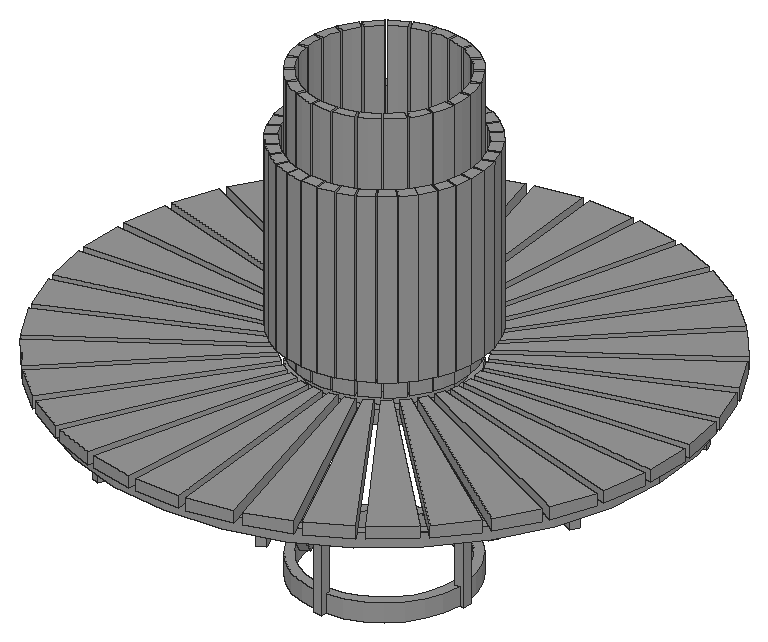
Revit family "Скамейка стальная вокруг дерева или столба «Экспресс».Арт 10728", category Антураж, Revit 2018 (continued)
Automatic sketch dimensions
  Extrusion 24 sketch curve to Extrusion 24 sketch curve = 10 mm
  Extrusion 24 sketch curve to Extrusion 24 sketch curve = 20 mm
  Extrusion 24 sketch curve to Extrusion 24 sketch curve = 189.737 mm
  Extrusion 24 sketch curve to Extrusion 24 sketch curve = 96.288 mm
  Extrusion 24 sketch curve to Extrusion 24 sketch curve = 458.478 mm
  Extrusion 25 sketch curve to Extrusion 25 sketch curve = 0 mm  (x4)
  Extrusion 25 sketch curve to Extrusion 25 sketch curve = 38.144 mm
  Extrusion 25 sketch curve to Extrusion 25 sketch curve = 10 mm
  Extrusion 25 sketch curve to Extrusion 25 sketch curve = 20 mm
  Extrusion 25 sketch curve to Extrusion 25 sketch curve = 189.737 mm
  Extrusion 25 sketch curve to Extrusion 25 sketch curve = 96.288 mm
  Extrusion 25 sketch curve to Extrusion 25 sketch curve = 458.478 mm
  Extrusion 26 sketch curve to Extrusion 26 sketch curve = 0 mm  (x4)
  Extrusion 26 sketch curve to Extrusion 26 sketch curve = 38.144 mm
  Extrusion 26 sketch curve to Extrusion 26 sketch curve = 10 mm
  Extrusion 26 sketch curve to Extrusion 26 sketch curve = 20 mm
  Extrusion 26 sketch curve to Extrusion 26 sketch curve = 189.737 mm
  Extrusion 26 sketch curve to Extrusion 26 sketch curve = 96.288 mm
  Extrusion 26 sketch curve to Extrusion 26 sketch curve = 458.478 mm
  Extrusion 27 sketch curve to Extrusion 27 sketch curve = 0 mm  (x4)
  Extrusion 27 sketch curve to Extrusion 27 sketch curve = 38.144 mm
  Extrusion 27 sketch curve to Extrusion 27 sketch curve = 10 mm
  Extrusion 27 sketch curve to Extrusion 27 sketch curve = 20 mm
  Extrusion 27 sketch curve to Extrusion 27 sketch curve = 189.737 mm
  Extrusion 27 sketch curve to Extrusion 27 sketch curve = 96.288 mm
  Extrusion 27 sketch curve to Extrusion 27 sketch curve = 458.478 mm
  Extrusion 28 sketch curve to Extrusion 28 sketch curve = 0 mm  (x4)
  Extrusion 28 sketch curve to Extrusion 28 sketch curve = 38.144 mm
  Extrusion 28 sketch curve to Extrusion 28 sketch curve = 10 mm
  Extrusion 28 sketch curve to Extrusion 28 sketch curve = 20 mm
  Extrusion 28 sketch curve to Extrusion 28 sketch curve = 189.737 mm
  Extrusion 28 sketch curve to Extrusion 28 sketch curve = 96.288 mm
  Extrusion 28 sketch curve to Extrusion 28 sketch curve = 458.478 mm
  Extrusion 29 sketch curve to Extrusion 29 sketch curve = 0 mm  (x4)
  Extrusion 29 sketch curve to Extrusion 29 sketch curve = 38.144 mm
  Extrusion 29 sketch curve to Extrusion 29 sketch curve = 10 mm
  Extrusion 29 sketch curve to Extrusion 29 sketch curve = 20 mm
  Extrusion 29 sketch curve to Extrusion 29 sketch curve = 189.737 mm
  Extrusion 29 sketch curve to Extrusion 29 sketch curve = 96.288 mm
  Extrusion 29 sketch curve to Extrusion 29 sketch curve = 458.478 mm
  Extrusion 30 sketch curve to Extrusion 30 sketch curve = 0 mm  (x4)
  Extrusion 30 sketch curve to Extrusion 30 sketch curve = 38.144 mm
  Extrusion 30 sketch curve to Extrusion 30 sketch curve = 10 mm
  Extrusion 30 sketch curve to Extrusion 30 sketch curve = 20 mm
  Extrusion 30 sketch curve to Extrusion 30 sketch curve = 189.737 mm
  Extrusion 30 sketch curve to Extrusion 30 sketch curve = 96.288 mm
  Extrusion 30 sketch curve to Extrusion 30 sketch curve = 458.478 mm
  Extrusion 31 sketch curve to Extrusion 31 sketch curve = 0 mm  (x4)
  Extrusion 31 sketch curve to Extrusion 31 sketch curve = 38.144 mm
  Extrusion 31 sketch curve to Extrusion 31 sketch curve = 10 mm
  Extrusion 31 sketch curve to Extrusion 31 sketch curve = 20 mm
  Extrusion 31 sketch curve to Extrusion 31 sketch curve = 189.737 mm
  Extrusion 31 sketch curve to Extrusion 31 sketch curve = 96.288 mm
  Extrusion 31 sketch curve to Extrusion 31 sketch curve = 458.478 mm
  Extrusion 32 sketch curve to Extrusion 32 sketch curve = 0 mm  (x4)
  Extrusion 32 sketch curve to Extrusion 32 sketch curve = 38.144 mm
  Extrusion 32 sketch curve to Extrusion 32 sketch curve = 10 mm
  Extrusion 32 sketch curve to Extrusion 32 sketch curve = 20 mm
  Extrusion 32 sketch curve to Extrusion 32 sketch curve = 189.737 mm
  Extrusion 32 sketch curve to Extrusion 32 sketch curve = 96.288 mm
  Extrusion 32 sketch curve to Extrusion 32 sketch curve = 458.478 mm
  Extrusion 33 sketch curve to Extrusion 33 sketch curve = 0 mm  (x4)
  Extrusion 33 sketch curve to Extrusion 33 sketch curve = 38.144 mm
  Extrusion 33 sketch curve to Extrusion 33 sketch curve = 10 mm
  Extrusion 33 sketch curve to Extrusion 33 sketch curve = 20 mm
  Extrusion 33 sketch curve to Extrusion 33 sketch curve = 189.737 mm
  Extrusion 33 sketch curve to Extrusion 33 sketch curve = 96.288 mm
  Extrusion 33 sketch curve to Extrusion 33 sketch curve = 458.478 mm
  Extrusion 34 sketch curve to Extrusion 34 sketch curve = 0 mm  (x4)
  Extrusion 34 sketch curve to Extrusion 34 sketch curve = 38.144 mm
  Extrusion 34 sketch curve to Extrusion 34 sketch curve = 10 mm
  Extrusion 34 sketch curve to Extrusion 34 sketch curve = 20 mm
  Extrusion 34 sketch curve to Extrusion 34 sketch curve = 189.737 mm
  Extrusion 34 sketch curve to Extrusion 34 sketch curve = 96.288 mm
  Extrusion 34 sketch curve to Extrusion 34 sketch curve = 458.478 mm
  Extrusion 35 sketch curve to Extrusion 35 sketch curve = 0 mm  (x4)
  Extrusion 35 sketch curve to Extrusion 35 sketch curve = 38.144 mm
  Extrusion 35 sketch curve to Extrusion 35 sketch curve = 10 mm
  Extrusion 35 sketch curve to Extrusion 35 sketch curve = 20 mm
  Extrusion 35 sketch curve to Extrusion 35 sketch curve = 189.737 mm
  Extrusion 35 sketch curve to Extrusion 35 sketch curve = 96.288 mm
  Extrusion 35 sketch curve to Extrusion 35 sketch curve = 458.478 mm
  Extrusion 36 sketch curve to Extrusion 36 sketch curve = 0 mm  (x4)
  Extrusion 36 sketch curve to Extrusion 36 sketch curve = 38.144 mm
  Extrusion 36 sketch curve to Extrusion 36 sketch curve = 10 mm
  Extrusion 36 sketch curve to Extrusion 36 sketch curve = 20 mm
  Extrusion 36 sketch curve to Extrusion 36 sketch curve = 189.737 mm
  Extrusion 36 sketch curve to Extrusion 36 sketch curve = 96.288 mm
  Extrusion 36 sketch curve to Extrusion 36 sketch curve = 458.478 mm
  Extrusion 37 sketch curve to Extrusion 37 sketch curve = 0 mm  (x4)
  Extrusion 37 sketch curve to Extrusion 37 sketch curve = 38.144 mm
  Extrusion 37 sketch curve to Extrusion 37 sketch curve = 10 mm
  Extrusion 37 sketch curve to Extrusion 37 sketch curve = 20 mm
  Extrusion 37 sketch curve to Extrusion 37 sketch curve = 189.737 mm
  Extrusion 37 sketch curve to Extrusion 37 sketch curve = 96.288 mm
  Extrusion 37 sketch curve to Extrusion 37 sketch curve = 458.478 mm
  Extrusion 38 sketch curve to Extrusion 38 sketch curve = 0 mm  (x4)
  Extrusion 38 sketch curve to Extrusion 38 sketch curve = 38.144 mm
  Extrusion 38 sketch curve to Extrusion 38 sketch curve = 10 mm
  Extrusion 38 sketch curve to Extrusion 38 sketch curve = 20 mm
  Extrusion 38 sketch curve to Extrusion 38 sketch curve = 189.737 mm
  Extrusion 38 sketch curve to Extrusion 38 sketch curve = 96.288 mm
  Extrusion 38 sketch curve to Extrusion 38 sketch curve = 458.478 mm
  Extrusion 39 sketch curve to Extrusion 39 sketch curve = 0 mm  (x4)
  Extrusion 39 sketch curve to Extrusion 39 sketch curve = 38.144 mm
  Extrusion 39 sketch curve to Extrusion 39 sketch curve = 10 mm
  Extrusion 39 sketch curve to Extrusion 39 sketch curve = 20 mm
  Extrusion 39 sketch curve to Extrusion 39 sketch curve = 189.737 mm
  Extrusion 39 sketch curve to Extrusion 39 sketch curve = 96.288 mm
  Extrusion 39 sketch curve to Extrusion 39 sketch curve = 458.478 mm
  Extrusion 40 sketch curve to Extrusion 40 sketch curve = 0 mm  (x4)
  Extrusion 40 sketch curve to Extrusion 40 sketch curve = 38.144 mm
  Extrusion 40 sketch curve to Extrusion 40 sketch curve = 10 mm
  Extrusion 40 sketch curve to Extrusion 40 sketch curve = 20 mm
  Extrusion 40 sketch curve to Extrusion 40 sketch curve = 189.737 mm
  Extrusion 40 sketch curve to Extrusion 40 sketch curve = 96.288 mm
  Extrusion 40 sketch curve to Extrusion 40 sketch curve = 458.478 mm
  Extrusion 41 sketch curve to Extrusion 41 sketch curve = 0 mm  (x4)
  Extrusion 41 sketch curve to Extrusion 41 sketch curve = 38.144 mm
  Extrusion 41 sketch curve to Extrusion 41 sketch curve = 10 mm
  Extrusion 41 sketch curve to Extrusion 41 sketch curve = 20 mm
  Extrusion 41 sketch curve to Extrusion 41 sketch curve = 189.737 mm
  Extrusion 41 sketch curve to Extrusion 41 sketch curve = 96.288 mm
  Extrusion 41 sketch curve to Extrusion 41 sketch curve = 458.478 mm
  Extrusion 42 sketch curve to Extrusion 42 sketch curve = 0 mm  (x4)
  Extrusion 42 sketch curve to Extrusion 42 sketch curve = 38.144 mm
  Extrusion 42 sketch curve to Extrusion 42 sketch curve = 10 mm
  Extrusion 42 sketch curve to Extrusion 42 sketch curve = 20 mm
  Extrusion 42 sketch curve to Extrusion 42 sketch curve = 189.737 mm
  Extrusion 42 sketch curve to Extrusion 42 sketch curve = 96.288 mm
  Extrusion 42 sketch curve to Extrusion 42 sketch curve = 458.478 mm
  Extrusion 43 sketch curve to Extrusion 43 sketch curve = 0 mm  (x4)
  Extrusion 43 sketch curve to Extrusion 43 sketch curve = 38.144 mm
  Extrusion 43 sketch curve to Extrusion 43 sketch curve = 10 mm
  Extrusion 43 sketch curve to Extrusion 43 sketch curve = 20 mm
  Extrusion 43 sketch curve to Extrusion 43 sketch curve = 189.737 mm
  Extrusion 43 sketch curve to Extrusion 43 sketch curve = 96.288 mm
  Extrusion 43 sketch curve to Extrusion 43 sketch curve = 458.478 mm
  Extrusion 44 sketch curve to Extrusion 44 sketch curve = 0 mm  (x4)
  Extrusion 44 sketch curve to Extrusion 44 sketch curve = 38.144 mm
  Extrusion 44 sketch curve to Extrusion 44 sketch curve = 10 mm
  Extrusion 44 sketch curve to Extrusion 44 sketch curve = 20 mm
  Extrusion 44 sketch curve to Extrusion 44 sketch curve = 189.737 mm
  Extrusion 44 sketch curve to Extrusion 44 sketch curve = 96.288 mm
  Extrusion 44 sketch curve to Extrusion 44 sketch curve = 458.478 mm
  Extrusion 45 sketch curve to Extrusion 45 sketch curve = 0 mm  (x4)
  Extrusion 45 sketch curve to Extrusion 45 sketch curve = 38.144 mm
  Extrusion 45 sketch curve to Extrusion 45 sketch curve = 10 mm
  Extrusion 45 sketch curve to Extrusion 45 sketch curve = 20 mm
  Extrusion 45 sketch curve to Extrusion 45 sketch curve = 189.737 mm
  Extrusion 45 sketch curve to Extrusion 45 sketch curve = 96.288 mm
  Extrusion 45 sketch curve to Extrusion 45 sketch curve = 458.478 mm
  Extrusion 46 sketch curve to Extrusion 46 sketch curve = 0 mm  (x4)
  Extrusion 46 sketch curve to Extrusion 46 sketch curve = 38.144 mm
  Extrusion 46 sketch curve to Extrusion 46 sketch curve = 10 mm
  Extrusion 46 sketch curve to Extrusion 46 sketch curve = 20 mm
  Extrusion 46 sketch curve to Extrusion 46 sketch curve = 189.737 mm
  Extrusion 46 sketch curve to Extrusion 46 sketch curve = 96.288 mm
  Extrusion 46 sketch curve to Extrusion 46 sketch curve = 458.478 mm
  Extrusion 47 sketch curve to Extrusion 47 sketch curve = 0 mm  (x4)
  Extrusion 47 sketch curve to Extrusion 47 sketch curve = 38.144 mm
  Extrusion 47 sketch curve to Extrusion 47 sketch curve = 10 mm
  Extrusion 47 sketch curve to Extrusion 47 sketch curve = 20 mm
  Extrusion 47 sketch curve to Extrusion 47 sketch curve = 189.737 mm
  Extrusion 47 sketch curve to Extrusion 47 sketch curve = 96.288 mm
  Extrusion 47 sketch curve to Extrusion 47 sketch curve = 458.478 mm
  Extrusion 48 sketch curve to Extrusion 48 sketch curve = 0 mm  (x4)
  Extrusion 48 sketch curve to Extrusion 48 sketch curve = 38.144 mm
  Extrusion 48 sketch curve to Extrusion 48 sketch curve = 10 mm
  Extrusion 48 sketch curve to Extrusion 48 sketch curve = 20 mm
  Extrusion 48 sketch curve to Extrusion 48 sketch curve = 189.737 mm
  Extrusion 48 sketch curve to Extrusion 48 sketch curve = 96.288 mm
  Extrusion 48 sketch curve to Extrusion 48 sketch curve = 458.478 mm
  Extrusion 49 sketch curve to Extrusion 49 sketch curve = 0 mm  (x4)
  Extrusion 49 sketch curve to Extrusion 49 sketch curve = 38.144 mm
  Extrusion 49 sketch curve to Extrusion 49 sketch curve = 10 mm
  Extrusion 49 sketch curve to Extrusion 49 sketch curve = 20 mm
  Extrusion 49 sketch curve to Extrusion 49 sketch curve = 189.737 mm
  Extrusion 49 sketch curve to Extrusion 49 sketch curve = 96.288 mm
  Extrusion 49 sketch curve to Extrusion 49 sketch curve = 458.478 mm
  Extrusion 50 sketch curve to Extrusion 50 sketch curve = 0 mm  (x4)
  Extrusion 50 sketch curve to Extrusion 50 sketch curve = 38.144 mm
  Extrusion 50 sketch curve to Extrusion 50 sketch curve = 10 mm
  Extrusion 50 sketch curve to Extrusion 50 sketch curve = 20 mm
  Extrusion 50 sketch curve to Extrusion 50 sketch curve = 189.737 mm
  Extrusion 50 sketch curve to Extrusion 50 sketch curve = 96.288 mm
  Extrusion 50 sketch curve to Extrusion 50 sketch curve = 458.478 mm
  Extrusion 51 sketch curve to Extrusion 51 sketch curve = 0 mm  (x4)
  Extrusion 51 sketch curve to Extrusion 51 sketch curve = 38.144 mm
  Extrusion 51 sketch curve to Extrusion 51 sketch curve = 10 mm
  Extrusion 51 sketch curve to Extrusion 51 sketch curve = 20 mm
  Extrusion 51 sketch curve to Extrusion 51 sketch curve = 189.737 mm
  Extrusion 51 sketch curve to Extrusion 51 sketch curve = 96.288 mm
  Extrusion 51 sketch curve to Extrusion 51 sketch curve = 458.478 mm
  Extrusion 52 sketch curve to Extrusion 52 sketch curve = 0 mm  (x4)
  Extrusion 52 sketch curve to Extrusion 52 sketch curve = 38.144 mm
  Extrusion 52 sketch curve to Extrusion 52 sketch curve = 10 mm
  Extrusion 52 sketch curve to Extrusion 52 sketch curve = 20 mm
  Extrusion 52 sketch curve to Extrusion 52 sketch curve = 189.737 mm
  Extrusion 52 sketch curve to Extrusion 52 sketch curve = 96.288 mm
  Extrusion 52 sketch curve to Extrusion 52 sketch curve = 458.478 mm
  Extrusion 53 sketch curve to Extrusion 53 sketch curve = 0 mm  (x6)
  Extrusion 53 sketch curve to Extrusion 53 sketch curve = 2.073 mm  (x4)
  Extrusion 53 sketch curve to Extrusion 53 sketch curve = 14.99 mm  (x3)
  Extrusion 53 sketch curve to Extrusion 53 sketch curve = 189.408 mm  (x2)
  Extrusion 53 sketch curve to Extrusion 53 sketch curve = 24.914 mm  (x2)
  Extrusion 88 sketch curve to Extrusion 88 sketch curve = 0 mm  (x2)
  Extrusion 88 sketch curve to Extrusion 88 sketch curve = 2.073 mm  (x2)
  Extrusion 88 sketch curve to Extrusion 88 sketch curve = 14.99 mm
  Extrusion 88 sketch curve to Extrusion 88 sketch curve = 29.98 mm
  Extrusion 88 sketch curve to Extrusion 88 sketch curve = 189.408 mm
  Extrusion 88 sketch curve to Extrusion 88 sketch curve = 24.914 mm
  Extrusion 53 sketch curve to Extrusion 53 sketch curve = 29.98 mm
  Extrusion 54 sketch curve to Extrusion 54 sketch curve = 0 mm  (x2)
  Extrusion 54 sketch curve to Extrusion 54 sketch curve = 2.073 mm  (x2)
  Extrusion 54 sketch curve to Extrusion 54 sketch curve = 14.99 mm
  Extrusion 54 sketch curve to Extrusion 54 sketch curve = 29.98 mm
  Extrusion 54 sketch curve to Extrusion 54 sketch curve = 189.408 mm
  Extrusion 54 sketch curve to Extrusion 54 sketch curve = 24.914 mm
  Extrusion 55 sketch curve to Extrusion 55 sketch curve = 0 mm  (x2)
  Extrusion 55 sketch curve to Extrusion 55 sketch curve = 2.073 mm  (x2)
  Extrusion 55 sketch curve to Extrusion 55 sketch curve = 14.99 mm
  Extrusion 55 sketch curve to Extrusion 55 sketch curve = 29.98 mm
  Extrusion 55 sketch curve to Extrusion 55 sketch curve = 189.408 mm
  Extrusion 55 sketch curve to Extrusion 55 sketch curve = 24.914 mm
  Extrusion 56 sketch curve to Extrusion 56 sketch curve = 0 mm  (x2)
  Extrusion 56 sketch curve to Extrusion 56 sketch curve = 2.073 mm  (x2)
  Extrusion 56 sketch curve to Extrusion 56 sketch curve = 14.99 mm
  Extrusion 56 sketch curve to Extrusion 56 sketch curve = 29.98 mm
  Extrusion 56 sketch curve to Extrusion 56 sketch curve = 189.408 mm
  Extrusion 56 sketch curve to Extrusion 56 sketch curve = 24.914 mm
  Extrusion 57 sketch curve to Extrusion 57 sketch curve = 0 mm  (x2)
  Extrusion 57 sketch curve to Extrusion 57 sketch curve = 2.073 mm  (x2)
  Extrusion 57 sketch curve to Extrusion 57 sketch curve = 14.99 mm
  Extrusion 57 sketch curve to Extrusion 57 sketch curve = 29.98 mm
  Extrusion 57 sketch curve to Extrusion 57 sketch curve = 189.408 mm
  Extrusion 57 sketch curve to Extrusion 57 sketch curve = 24.914 mm
  Extrusion 58 sketch curve to Extrusion 58 sketch curve = 0 mm  (x2)
  Extrusion 58 sketch curve to Extrusion 58 sketch curve = 2.073 mm  (x2)
  Extrusion 58 sketch curve to Extrusion 58 sketch curve = 14.99 mm
  Extrusion 58 sketch curve to Extrusion 58 sketch curve = 29.98 mm
  Extrusion 58 sketch curve to Extrusion 58 sketch curve = 189.408 mm
  Extrusion 58 sketch curve to Extrusion 58 sketch curve = 24.914 mm
  Extrusion 59 sketch curve to Extrusion 59 sketch curve = 0 mm  (x2)
  Extrusion 59 sketch curve to Extrusion 59 sketch curve = 2.073 mm  (x2)
  Extrusion 59 sketch curve to Extrusion 59 sketch curve = 14.99 mm
  Extrusion 59 sketch curve to Extrusion 59 sketch curve = 29.98 mm
  Extrusion 59 sketch curve to Extrusion 59 sketch curve = 189.408 mm
  Extrusion 59 sketch curve to Extrusion 59 sketch curve = 24.914 mm
  Extrusion 60 sketch curve to Extrusion 60 sketch curve = 0 mm  (x2)
  Extrusion 60 sketch curve to Extrusion 60 sketch curve = 2.073 mm  (x2)
  Extrusion 60 sketch curve to Extrusion 60 sketch curve = 14.99 mm
  Extrusion 60 sketch curve to Extrusion 60 sketch curve = 29.98 mm
  Extrusion 60 sketch curve to Extrusion 60 sketch curve = 189.408 mm
  Extrusion 60 sketch curve to Extrusion 60 sketch curve = 24.914 mm
  Extrusion 61 sketch curve to Extrusion 61 sketch curve = 0 mm  (x2)
  Extrusion 61 sketch curve to Extrusion 61 sketch curve = 2.073 mm  (x2)
  Extrusion 61 sketch curve to Extrusion 61 sketch curve = 14.99 mm
  Extrusion 61 sketch curve to Extrusion 61 sketch curve = 29.98 mm
  Extrusion 61 sketch curve to Extrusion 61 sketch curve = 189.408 mm
  Extrusion 61 sketch curve to Extrusion 61 sketch curve = 24.914 mm
  Extrusion 62 sketch curve to Extrusion 62 sketch curve = 0 mm  (x2)
  Extrusion 62 sketch curve to Extrusion 62 sketch curve = 2.073 mm  (x2)
  Extrusion 62 sketch curve to Extrusion 62 sketch curve = 14.99 mm
  Extrusion 62 sketch curve to Extrusion 62 sketch curve = 29.98 mm
  Extrusion 62 sketch curve to Extrusion 62 sketch curve = 189.408 mm
  Extrusion 62 sketch curve to Extrusion 62 sketch curve = 24.914 mm
  Extrusion 63 sketch curve to Extrusion 63 sketch curve = 0 mm  (x2)
  Extrusion 63 sketch curve to Extrusion 63 sketch curve = 2.073 mm  (x2)
  Extrusion 63 sketch curve to Extrusion 63 sketch curve = 14.99 mm
  Extrusion 63 sketch curve to Extrusion 63 sketch curve = 29.98 mm
  Extrusion 63 sketch curve to Extrusion 63 sketch curve = 189.408 mm
  Extrusion 63 sketch curve to Extrusion 63 sketch curve = 24.914 mm
  Extrusion 64 sketch curve to Extrusion 64 sketch curve = 0 mm  (x2)
  Extrusion 64 sketch curve to Extrusion 64 sketch curve = 2.073 mm  (x2)
  Extrusion 64 sketch curve to Extrusion 64 sketch curve = 14.99 mm
  Extrusion 64 sketch curve to Extrusion 64 sketch curve = 29.98 mm
  Extrusion 64 sketch curve to Extrusion 64 sketch curve = 189.408 mm
  Extrusion 64 sketch curve to Extrusion 64 sketch curve = 24.914 mm
  Extrusion 65 sketch curve to Extrusion 65 sketch curve = 0 mm  (x2)
  Extrusion 65 sketch curve to Extrusion 65 sketch curve = 2.073 mm  (x2)
  Extrusion 65 sketch curve to Extrusion 65 sketch curve = 14.99 mm
  Extrusion 65 sketch curve to Extrusion 65 sketch curve = 29.98 mm
  Extrusion 65 sketch curve to Extrusion 65 sketch curve = 189.408 mm
  Extrusion 65 sketch curve to Extrusion 65 sketch curve = 24.914 mm
  Extrusion 66 sketch curve to Extrusion 66 sketch curve = 0 mm  (x2)
  Extrusion 66 sketch curve to Extrusion 66 sketch curve = 2.073 mm  (x2)
  Extrusion 66 sketch curve to Extrusion 66 sketch curve = 14.99 mm
  Extrusion 66 sketch curve to Extrusion 66 sketch curve = 29.98 mm
  Extrusion 66 sketch curve to Extrusion 66 sketch curve = 189.408 mm
  Extrusion 66 sketch curve to Extrusion 66 sketch curve = 24.914 mm
  Extrusion 67 sketch curve to Extrusion 67 sketch curve = 0 mm  (x2)
  Extrusion 67 sketch curve to Extrusion 67 sketch curve = 2.073 mm  (x2)
  Extrusion 67 sketch curve to Extrusion 67 sketch curve = 14.99 mm
  Extrusion 67 sketch curve to Extrusion 67 sketch curve = 29.98 mm
  Extrusion 67 sketch curve to Extrusion 67 sketch curve = 189.408 mm
  Extrusion 67 sketch curve to Extrusion 67 sketch curve = 24.914 mm
  Extrusion 68 sketch curve to Extrusion 68 sketch curve = 0 mm  (x2)
  Extrusion 68 sketch curve to Extrusion 68 sketch curve = 2.073 mm  (x2)
  Extrusion 68 sketch curve to Extrusion 68 sketch curve = 14.99 mm
  Extrusion 68 sketch curve to Extrusion 68 sketch curve = 29.98 mm
  Extrusion 68 sketch curve to Extrusion 68 sketch curve = 189.408 mm
  Extrusion 68 sketch curve to Extrusion 68 sketch curve = 24.914 mm
  Extrusion 69 sketch curve to Extrusion 69 sketch curve = 0 mm  (x2)
  Extrusion 69 sketch curve to Extrusion 69 sketch curve = 2.073 mm  (x2)
  Extrusion 69 sketch curve to Extrusion 69 sketch curve = 14.99 mm
  Extrusion 69 sketch curve to Extrusion 69 sketch curve = 29.98 mm
  Extrusion 69 sketch curve to Extrusion 69 sketch curve = 189.408 mm
  Extrusion 69 sketch curve to Extrusion 69 sketch curve = 24.914 mm
  Extrusion 70 sketch curve to Extrusion 70 sketch curve = 0 mm  (x2)
  Extrusion 70 sketch curve to Extrusion 70 sketch curve = 2.073 mm  (x2)
  Extrusion 70 sketch curve to Extrusion 70 sketch curve = 14.99 mm
  Extrusion 70 sketch curve to Extrusion 70 sketch curve = 29.98 mm
  Extrusion 70 sketch curve to Extrusion 70 sketch curve = 189.408 mm
  Extrusion 70 sketch curve to Extrusion 70 sketch curve = 24.914 mm
  Extrusion 71 sketch curve to Extrusion 71 sketch curve = 0 mm  (x2)
  Extrusion 71 sketch curve to Extrusion 71 sketch curve = 2.073 mm  (x2)
  Extrusion 71 sketch curve to Extrusion 71 sketch curve = 14.99 mm
  Extrusion 71 sketch curve to Extrusion 71 sketch curve = 29.98 mm
  Extrusion 71 sketch curve to Extrusion 71 sketch curve = 189.408 mm
  Extrusion 71 sketch curve to Extrusion 71 sketch curve = 24.914 mm
  Extrusion 72 sketch curve to Extrusion 72 sketch curve = 0 mm  (x2)
  Extrusion 72 sketch curve to Extrusion 72 sketch curve = 2.073 mm  (x2)
  Extrusion 72 sketch curve to Extrusion 72 sketch curve = 14.99 mm
  Extrusion 72 sketch curve to Extrusion 72 sketch curve = 29.98 mm
  Extrusion 72 sketch curve to Extrusion 72 sketch curve = 189.408 mm
  Extrusion 72 sketch curve to Extrusion 72 sketch curve = 24.914 mm
  Extrusion 73 sketch curve to Extrusion 73 sketch curve = 0 mm  (x2)
  Extrusion 73 sketch curve to Extrusion 73 sketch curve = 2.073 mm  (x2)
  Extrusion 73 sketch curve to Extrusion 73 sketch curve = 14.99 mm
  Extrusion 73 sketch curve to Extrusion 73 sketch curve = 29.98 mm
  Extrusion 73 sketch curve to Extrusion 73 sketch curve = 189.408 mm
  Extrusion 73 sketch curve to Extrusion 73 sketch curve = 24.914 mm
  Extrusion 74 sketch curve to Extrusion 74 sketch curve = 0 mm  (x2)
  Extrusion 74 sketch curve to Extrusion 74 sketch curve = 2.073 mm  (x2)
  Extrusion 74 sketch curve to Extrusion 74 sketch curve = 14.99 mm
  Extrusion 74 sketch curve to Extrusion 74 sketch curve = 29.98 mm
  Extrusion 74 sketch curve to Extrusion 74 sketch curve = 189.408 mm
  Extrusion 74 sketch curve to Extrusion 74 sketch curve = 24.914 mm
  Extrusion 75 sketch curve to Extrusion 75 sketch curve = 0 mm  (x2)
  Extrusion 75 sketch curve to Extrusion 75 sketch curve = 2.073 mm  (x2)
  Extrusion 75 sketch curve to Extrusion 75 sketch curve = 14.99 mm
  Extrusion 75 sketch curve to Extrusion 75 sketch curve = 29.98 mm
  Extrusion 75 sketch curve to Extrusion 75 sketch curve = 189.408 mm
  Extrusion 75 sketch curve to Extrusion 75 sketch curve = 24.914 mm
  Extrusion 76 sketch curve to Extrusion 76 sketch curve = 0 mm  (x2)
  Extrusion 76 sketch curve to Extrusion 76 sketch curve = 2.073 mm  (x2)
  Extrusion 76 sketch curve to Extrusion 76 sketch curve = 14.99 mm
  Extrusion 76 sketch curve to Extrusion 76 sketch curve = 29.98 mm
  Extrusion 76 sketch curve to Extrusion 76 sketch curve = 189.408 mm
  Extrusion 76 sketch curve to Extrusion 76 sketch curve = 24.914 mm
  Extrusion 77 sketch curve to Extrusion 77 sketch curve = 0 mm  (x2)
  Extrusion 77 sketch curve to Extrusion 77 sketch curve = 2.073 mm  (x2)
  Extrusion 77 sketch curve to Extrusion 77 sketch curve = 14.99 mm
  Extrusion 77 sketch curve to Extrusion 77 sketch curve = 29.98 mm
  Extrusion 77 sketch curve to Extrusion 77 sketch curve = 189.408 mm
  Extrusion 77 sketch curve to Extrusion 77 sketch curve = 24.914 mm
  Extrusion 78 sketch curve to Extrusion 78 sketch curve = 0 mm  (x2)
  Extrusion 78 sketch curve to Extrusion 78 sketch curve = 2.073 mm  (x2)
  Extrusion 78 sketch curve to Extrusion 78 sketch curve = 14.99 mm
  Extrusion 78 sketch curve to Extrusion 78 sketch curve = 29.98 mm
  Extrusion 78 sketch curve to Extrusion 78 sketch curve = 189.408 mm
  Extrusion 78 sketch curve to Extrusion 78 sketch curve = 24.914 mm
  Extrusion 79 sketch curve to Extrusion 79 sketch curve = 0 mm  (x2)
  Extrusion 79 sketch curve to Extrusion 79 sketch curve = 2.073 mm  (x2)
  Extrusion 79 sketch curve to Extrusion 79 sketch curve = 14.99 mm
  Extrusion 79 sketch curve to Extrusion 79 sketch curve = 29.98 mm
  Extrusion 79 sketch curve to Extrusion 79 sketch curve = 189.408 mm
  Extrusion 79 sketch curve to Extrusion 79 sketch curve = 24.914 mm
  Extrusion 80 sketch curve to Extrusion 80 sketch curve = 0 mm  (x2)
  Extrusion 80 sketch curve to Extrusion 80 sketch curve = 2.073 mm  (x2)
  Extrusion 80 sketch curve to Extrusion 80 sketch curve = 14.99 mm
  Extrusion 80 sketch curve to Extrusion 80 sketch curve = 29.98 mm
  Extrusion 80 sketch curve to Extrusion 80 sketch curve = 189.408 mm
  Extrusion 80 sketch curve to Extrusion 80 sketch curve = 24.914 mm
  Extrusion 81 sketch curve to Extrusion 81 sketch curve = 0 mm  (x2)
  Extrusion 81 sketch curve to Extrusion 81 sketch curve = 2.073 mm  (x2)
  Extrusion 81 sketch curve to Extrusion 81 sketch curve = 14.99 mm
  Extrusion 81 sketch curve to Extrusion 81 sketch curve = 29.98 mm
  Extrusion 81 sketch curve to Extrusion 81 sketch curve = 189.408 mm
  Extrusion 81 sketch curve to Extrusion 81 sketch curve = 24.914 mm
  Extrusion 82 sketch curve to Extrusion 82 sketch curve = 0 mm  (x2)
  Extrusion 82 sketch curve to Extrusion 82 sketch curve = 2.073 mm  (x2)
  Extrusion 82 sketch curve to Extrusion 82 sketch curve = 14.99 mm
  Extrusion 82 sketch curve to Extrusion 82 sketch curve = 29.98 mm
  Extrusion 82 sketch curve to Extrusion 82 sketch curve = 189.408 mm
  Extrusion 82 sketch curve to Extrusion 82 sketch curve = 24.914 mm
  Extrusion 83 sketch curve to Extrusion 83 sketch curve = 0 mm  (x2)
  Extrusion 83 sketch curve to Extrusion 83 sketch curve = 2.073 mm  (x2)
  Extrusion 83 sketch curve to Extrusion 83 sketch curve = 14.99 mm
  Extrusion 83 sketch curve to Extrusion 83 sketch curve = 29.98 mm
  Extrusion 83 sketch curve to Extrusion 83 sketch curve = 189.408 mm
  Extrusion 83 sketch curve to Extrusion 83 sketch curve = 24.914 mm
  Extrusion 84 sketch curve to Extrusion 84 sketch curve = 0 mm  (x2)
  Extrusion 84 sketch curve to Extrusion 84 sketch curve = 2.073 mm  (x2)
  Extrusion 84 sketch curve to Extrusion 84 sketch curve = 14.99 mm
  Extrusion 84 sketch curve to Extrusion 84 sketch curve = 29.98 mm
  Extrusion 84 sketch curve to Extrusion 84 sketch curve = 189.408 mm
  Extrusion 84 sketch curve to Extrusion 84 sketch curve = 24.914 mm
  Extrusion 85 sketch curve to Extrusion 85 sketch curve = 0 mm  (x2)
  Extrusion 85 sketch curve to Extrusion 85 sketch curve = 2.073 mm  (x2)
  Extrusion 85 sketch curve to Extrusion 85 sketch curve = 14.99 mm
  Extrusion 85 sketch curve to Extrusion 85 sketch curve = 29.98 mm
  Extrusion 85 sketch curve to Extrusion 85 sketch curve = 189.408 mm
  Extrusion 85 sketch curve to Extrusion 85 sketch curve = 24.914 mm
  Extrusion 86 sketch curve to Extrusion 86 sketch curve = 0 mm  (x2)
  Extrusion 86 sketch curve to Extrusion 86 sketch curve = 2.073 mm  (x2)
  Extrusion 86 sketch curve to Extrusion 86 sketch curve = 14.99 mm
  Extrusion 86 sketch curve to Extrusion 86 sketch curve = 29.98 mm
  Extrusion 86 sketch curve to Extrusion 86 sketch curve = 189.408 mm
  Extrusion 86 sketch curve to Extrusion 86 sketch curve = 24.914 mm
  Extrusion 87 sketch curve to Extrusion 87 sketch curve = 0 mm  (x2)
  Extrusion 87 sketch curve to Extrusion 87 sketch curve = 2.073 mm  (x2)
  Extrusion 87 sketch curve to Extrusion 87 sketch curve = 14.99 mm
  Extrusion 87 sketch curve to Extrusion 87 sketch curve = 29.98 mm
  Extrusion 87 sketch curve to Extrusion 87 sketch curve = 189.408 mm
  Extrusion 87 sketch curve to Extrusion 87 sketch curve = 24.914 mm
  Extrusion 89 sketch curve to Extrusion 89 sketch curve = 17.881 mm  (x2)
  Extrusion 89 sketch curve to Extrusion 89 sketch curve = 3.479 mm
  Extrusion 89 sketch curve to Extrusion 89 sketch curve = 19.73 mm  (x2)
  Extrusion 89 sketch curve to Extrusion 89 sketch curve = 0 mm  (x4)
  Extrusion 89 sketch curve to Extrusion 89 sketch curve = 158.998 mm
  Extrusion 90 sketch curve to Extrusion 90 sketch curve = 17.881 mm  (x2)
  Extrusion 90 sketch curve to Extrusion 90 sketch curve = 3.479 mm
  Extrusion 90 sketch curve to Extrusion 90 sketch curve = 19.73 mm  (x2)
  Extrusion 90 sketch curve to Extrusion 90 sketch curve = 0 mm  (x4)
  Extrusion 90 sketch curve to Extrusion 90 sketch curve = 158.998 mm
  Extrusion 91 sketch curve to Extrusion 91 sketch curve = 17.881 mm  (x2)
  Extrusion 91 sketch curve to Extrusion 91 sketch curve = 3.479 mm
  Extrusion 91 sketch curve to Extrusion 91 sketch curve = 19.73 mm  (x2)
  Extrusion 91 sketch curve to Extrusion 91 sketch curve = 0 mm  (x4)
  Extrusion 91 sketch curve to Extrusion 91 sketch curve = 158.998 mm
  Extrusion 92 sketch curve to Extrusion 92 sketch curve = 17.881 mm  (x2)
  Extrusion 92 sketch curve to Extrusion 92 sketch curve = 3.479 mm
  Extrusion 92 sketch curve to Extrusion 92 sketch curve = 19.73 mm  (x2)
  Extrusion 92 sketch curve to Extrusion 92 sketch curve = 0 mm  (x4)
  Extrusion 92 sketch curve to Extrusion 92 sketch curve = 158.998 mm
  Extrusion 93 sketch curve to Extrusion 93 sketch curve = 17.881 mm  (x2)
  Extrusion 93 sketch curve to Extrusion 93 sketch curve = 3.479 mm
  Extrusion 93 sketch curve to Extrusion 93 sketch curve = 19.73 mm  (x2)
  Extrusion 93 sketch curve to Extrusion 93 sketch curve = 0 mm  (x4)
  Extrusion 93 sketch curve to Extrusion 93 sketch curve = 158.998 mm
  Extrusion 94 sketch curve to Extrusion 94 sketch curve = 17.881 mm  (x2)
  Extrusion 94 sketch curve to Extrusion 94 sketch curve = 3.479 mm
  Extrusion 94 sketch curve to Extrusion 94 sketch curve = 19.73 mm  (x2)
  Extrusion 94 sketch curve to Extrusion 94 sketch curve = 0 mm  (x4)
  Extrusion 94 sketch curve to Extrusion 94 sketch curve = 158.998 mm
  Extrusion 95 sketch curve to Extrusion 95 sketch curve = 17.881 mm  (x2)
  Extrusion 95 sketch curve to Extrusion 95 sketch curve = 3.479 mm
  Extrusion 95 sketch curve to Extrusion 95 sketch curve = 19.73 mm  (x2)
  Extrusion 95 sketch curve to Extrusion 95 sketch curve = 0 mm  (x4)
  Extrusion 95 sketch curve to Extrusion 95 sketch curve = 158.998 mm
  Extrusion 96 sketch curve to Extrusion 96 sketch curve = 17.881 mm  (x2)
  Extrusion 96 sketch curve to Extrusion 96 sketch curve = 3.479 mm
  Extrusion 96 sketch curve to Extrusion 96 sketch curve = 19.73 mm  (x2)
  Extrusion 96 sketch curve to Extrusion 96 sketch curve = 0 mm  (x4)
  Extrusion 96 sketch curve to Extrusion 96 sketch curve = 158.998 mm
  Extrusion 97 sketch curve to Extrusion 97 sketch curve = 17.881 mm  (x2)
  Extrusion 97 sketch curve to Extrusion 97 sketch curve = 3.479 mm
  Extrusion 97 sketch curve to Extrusion 97 sketch curve = 19.73 mm  (x2)
  Extrusion 97 sketch curve to Extrusion 97 sketch curve = 0 mm  (x4)
  Extrusion 97 sketch curve to Extrusion 97 sketch curve = 158.998 mm
  Extrusion 98 sketch curve to Extrusion 98 sketch curve = 17.881 mm  (x2)
  Extrusion 98 sketch curve to Extrusion 98 sketch curve = 3.479 mm
  Extrusion 98 sketch curve to Extrusion 98 sketch curve = 19.73 mm  (x2)
  Extrusion 98 sketch curve to Extrusion 98 sketch curve = 0 mm  (x4)
  Extrusion 98 sketch curve to Extrusion 98 sketch curve = 158.998 mm
  Extrusion 99 sketch curve to Extrusion 99 sketch curve = 17.881 mm  (x2)
  Extrusion 99 sketch curve to Extrusion 99 sketch curve = 3.479 mm
  Extrusion 99 sketch curve to Extrusion 99 sketch curve = 19.73 mm  (x2)
  Extrusion 99 sketch curve to Extrusion 99 sketch curve = 0 mm  (x4)
  Extrusion 99 sketch curve to Extrusion 99 sketch curve = 158.998 mm
  Extrusion 100 sketch curve to Extrusion 100 sketch curve = 17.881 mm  (x2)
  Extrusion 100 sketch curve to Extrusion 100 sketch curve = 3.479 mm
  Extrusion 100 sketch curve to Extrusion 100 sketch curve = 19.73 mm  (x2)
  Extrusion 100 sketch curve to Extrusion 100 sketch curve = 0 mm  (x4)
  Extrusion 100 sketch curve to Extrusion 100 sketch curve = 158.998 mm
  Extrusion 101 sketch curve to Extrusion 101 sketch curve = 17.881 mm  (x2)
  Extrusion 101 sketch curve to Extrusion 101 sketch curve = 3.479 mm
  Extrusion 101 sketch curve to Extrusion 101 sketch curve = 19.73 mm  (x2)
  Extrusion 101 sketch curve to Extrusion 101 sketch curve = 0 mm  (x4)
  Extrusion 101 sketch curve to Extrusion 101 sketch curve = 158.998 mm
  Extrusion 102 sketch curve to Extrusion 102 sketch curve = 17.881 mm  (x2)
  Extrusion 102 sketch curve to Extrusion 102 sketch curve = 3.479 mm
  Extrusion 102 sketch curve to Extrusion 102 sketch curve = 19.73 mm  (x2)
  Extrusion 102 sketch curve to Extrusion 102 sketch curve = 0 mm  (x4)
  Extrusion 102 sketch curve to Extrusion 102 sketch curve = 158.998 mm
  Extrusion 103 sketch curve to Extrusion 103 sketch curve = 17.881 mm  (x2)
  Extrusion 103 sketch curve to Extrusion 103 sketch curve = 3.479 mm
  Extrusion 103 sketch curve to Extrusion 103 sketch curve = 19.73 mm  (x2)
  Extrusion 103 sketch curve to Extrusion 103 sketch curve = 0 mm  (x4)
  Extrusion 103 sketch curve to Extrusion 103 sketch curve = 158.998 mm
  Extrusion 104 sketch curve to Extrusion 104 sketch curve = 17.881 mm  (x2)
  Extrusion 104 sketch curve to Extrusion 104 sketch curve = 3.479 mm
  Extrusion 104 sketch curve to Extrusion 104 sketch curve = 19.73 mm  (x2)
  Extrusion 104 sketch curve to Extrusion 104 sketch curve = 0 mm  (x4)
  Extrusion 104 sketch curve to Extrusion 104 sketch curve = 158.998 mm
  Extrusion 105 sketch curve to Extrusion 105 sketch curve = 17.881 mm  (x2)
  Extrusion 105 sketch curve to Extrusion 105 sketch curve = 3.479 mm
  Extrusion 105 sketch curve to Extrusion 105 sketch curve = 19.73 mm  (x2)
  Extrusion 105 sketch curve to Extrusion 105 sketch curve = 0 mm  (x4)
  Extrusion 105 sketch curve to Extrusion 105 sketch curve = 158.998 mm
  Extrusion 106 sketch curve to Extrusion 106 sketch curve = 17.881 mm  (x2)
  Extrusion 106 sketch curve to Extrusion 106 sketch curve = 3.479 mm
  Extrusion 106 sketch curve to Extrusion 106 sketch curve = 19.73 mm  (x2)
  Extrusion 106 sketch curve to Extrusion 106 sketch curve = 0 mm  (x4)
  Extrusion 106 sketch curve to Extrusion 106 sketch curve = 158.998 mm
  Extrusion 107 sketch curve to Extrusion 107 sketch curve = 17.881 mm  (x2)
  Extrusion 107 sketch curve to Extrusion 107 sketch curve = 3.479 mm
  Extrusion 107 sketch curve to Extrusion 107 sketch curve = 19.73 mm  (x2)
  Extrusion 107 sketch curve to Extrusion 107 sketch curve = 0 mm  (x4)
  Extrusion 107 sketch curve to Extrusion 107 sketch curve = 158.998 mm
  Extrusion 108 sketch curve to Extrusion 108 sketch curve = 17.881 mm  (x2)
  Extrusion 108 sketch curve to Extrusion 108 sketch curve = 3.479 mm
  Extrusion 108 sketch curve to Extrusion 108 sketch curve = 19.73 mm  (x2)
  Extrusion 108 sketch curve to Extrusion 108 sketch curve = 0 mm  (x4)
  Extrusion 108 sketch curve to Extrusion 108 sketch curve = 158.998 mm
  Extrusion 109 sketch curve to Extrusion 109 sketch curve = 17.881 mm  (x2)
  Extrusion 109 sketch curve to Extrusion 109 sketch curve = 3.479 mm
  Extrusion 109 sketch curve to Extrusion 109 sketch curve = 19.73 mm  (x2)
  Extrusion 109 sketch curve to Extrusion 109 sketch curve = 0 mm  (x4)
  Extrusion 109 sketch curve to Extrusion 109 sketch curve = 158.998 mm
  Extrusion 110 sketch curve to Extrusion 110 sketch curve = 17.881 mm  (x2)
  Extrusion 110 sketch curve to Extrusion 110 sketch curve = 3.479 mm
  Extrusion 110 sketch curve to Extrusion 110 sketch curve = 19.73 mm  (x2)
  Extrusion 110 sketch curve to Extrusion 110 sketch curve = 0 mm  (x4)
  Extrusion 110 sketch curve to Extrusion 110 sketch curve = 158.998 mm
  Extrusion 111 sketch curve to Extrusion 111 sketch curve = 17.881 mm  (x2)
  Extrusion 111 sketch curve to Extrusion 111 sketch curve = 3.479 mm
  Extrusion 111 sketch curve to Extrusion 111 sketch curve = 19.73 mm  (x2)
  Extrusion 111 sketch curve to Extrusion 111 sketch curve = 0 mm  (x4)
  Extrusion 111 sketch curve to Extrusion 111 sketch curve = 158.998 mm
  Extrusion 112 sketch curve to Extrusion 112 sketch curve = 17.881 mm  (x2)
  Extrusion 112 sketch curve to Extrusion 112 sketch curve = 3.479 mm
  Extrusion 112 sketch curve to Extrusion 112 sketch curve = 19.73 mm  (x2)
  Extrusion 112 sketch curve to Extrusion 112 sketch curve = 0 mm  (x4)
  Extrusion 112 sketch curve to Extrusion 112 sketch curve = 158.998 mm
  plane 3 "По центру (Влево/Вправо)" to Extrusion 113 sketch curve = 650 mm
  Extrusion 113 sketch curve to plane 1 "По центру (Вперед/Назад)" = 650 mm
  plane 3 "По центру (Влево/Вправо)" to curve 1 = 650 mm
  curve 1 to plane 1 "По центру (Вперед/Назад)" = 650 mm
  radius of Extrusion 1 sketch curve = 180 mm
  radius of Extrusion 1 sketch curve = 160 mm
  radius of Extrusion 2 sketch curve = 180 mm
  radius of Extrusion 2 sketch curve = 160 mm
  radius of Extrusion 3 sketch curve = 180 mm
  radius of Extrusion 3 sketch curve = 160 mm
  radius of Extrusion 4 sketch curve = 630 mm
  radius of Extrusion 4 sketch curve = 610 mm
  radius of Extrusion 5 sketch curve = 180 mm
  radius of Extrusion 5 sketch curve = 160 mm
  radius of Extrusion 113 sketch curve = 160 mm
Types (3, lengths in mm): name | С кашпо | Описание | Изображение типоразмера | Без кашпо
  (no name) | yes | "Скамейка стальная вокруг дерева или столба «Экспресс». Версия с кашпо" | Скамейка стальная вокруг дерева или столба «Экспресс» Арт 10728 с кашпо.jpg | no
  Скамейка стальная вокруг дерева или столба «Экспресс». Версия без кашпо | no | "Скамейка стальная вокруг дерева или столба «Экспресс». Версия без кашпо" | Скамейка стальная вокруг дерева или столба «Экспресс» Арт 10728 без кашпо.jpg | yes
  Скамейка стальная вокруг дерева или столба «Экспресс». Версия с кашпо | yes | "Скамейка стальная вокруг дерева или столба «Экспресс». Версия с кашпо" | Скамейка стальная вокруг дерева или столба «Экспресс» Арт 10728 с кашпо.jpg | no
